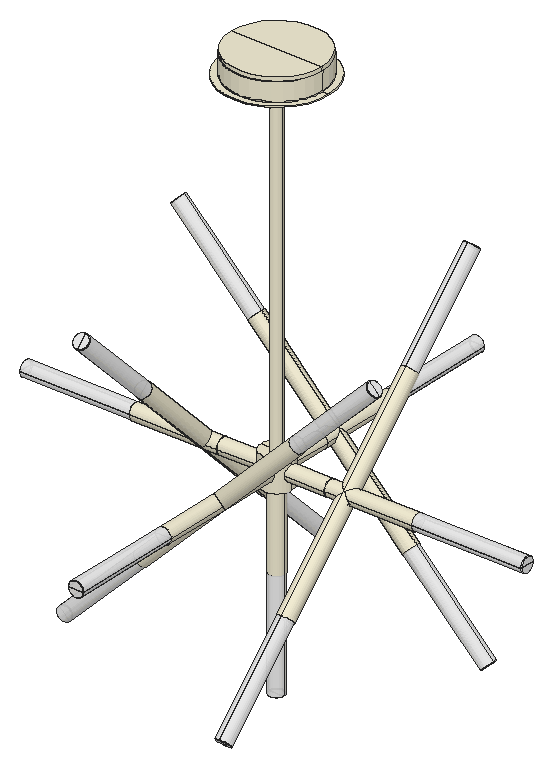
Revit family "3-697 Moxy Pendant", category Lighting Fixtures, host Ceiling, Revit 2018
Family settings
  Host = Ceiling
  Round Connector Dimension = Use Diameter
  Part Type = Normal
  OmniClass Number = 23.80.70.11
  OmniClass Title = Luminaries for Internal Lighting
  Always vertical = Yes
  Cut with Voids When Loaded = No
  Light Source = Yes
  Shared = No
  Room Calculation Point = No
Parameters (values of type "3-697-24 / Satin Nickel - Clear Bubble Acrylic")
  Wattage Comments = "13 x 2.1 W at 120 V"  # constant formula
  Wattage = 33.44 W
  built-in parameter 1150110 = 1 (stored number, unit not read)
  Voltage Input = "120 V or 277 V - 50/60 Hz"  # constant formula
  Voltage = 120 V
  URL = "www.oxygenlighting.com"
  built-in parameter 1114217 = 1 (stored number, unit not read)
  Tilt Angle = 90.00°  # constant formula
  built-in parameter 1150109 = 1 (stored number, unit not read)
  built-in parameter 1150134 = (empty or 0)
  built-in parameter 1150113 = 1 (stored number, unit not read)
  References = "Ref. 3 = 120 V / Ref. 37 = 277 V"  # constant formula
  Photometric Web File = "3-697-40 Moxy.ies"
  Model = "3-697-xx / Moxy Pendant"  # constant formula
  Metal Finish = 24 - Satin Nickel
  Manufacturer = "Oxygen - Lighting & Fans"  # constant formula
  Lumens = 892.848 lm
  built-in parameter 1150115 = 1 (stored number, unit not read)
  built-in parameter 1150105 = 71.051 (stored number, unit not read)
  built-in parameter 1150137 = (empty or 0)
  built-in parameter 1150139 = (empty or 0)
  built-in parameter 1150112 = 1 (stored number, unit not read)
  built-in parameter 1150114 = 1 (stored number, unit not read)
  Lamp = "LED Array"  # constant formula
  built-in parameter 1150132 = (empty or 0)
  built-in parameter 1150102 = (empty or 0)
  built-in parameter 1150138 = (empty or 0)
  built-in parameter 1150107 = 3000 (stored number, unit not read)
  built-in parameter 1150106 = 0.71051 (stored number, unit not read)
  built-in parameter 1150104 = 2.4805 (stored number, unit not read)
  Dimming Lamp Color Temperature Shift = <None>
  Diffusers = Clear Bubble Acrylic
  Color Filter = 16777215
  built-in parameter 1114218 = 1 (stored number, unit not read)
  built-in parameter 1150133 = 10 (stored number, unit not read)
Types (3): name | Metal Finish
  (no name) | 24 - Satin Nickel
  3-697-24 / Satin Nickel - Clear Bubble Acrylic | 24 - Satin Nickel
  3-697-40 / Aged Brass - Clear Bubble Acrylic | 40 - Aged Brass
Reference planes (in)
  plane 1 "Light Source Axis (F/B)": y = 0
  plane 2 "Ceiling": z = 96
  plane 3 "Light Source Axis (L/R)": x = 0
  plane 4 "Light Source Elevation": z = 72.10433
  plane 5 "Part 1": y = 4.54512
  plane 6: z = 94.52362
  plane 7: z = 94.32677
Forms (in)
  Revolve 1, solid, material "Clear Bubble Acrylic" <- "Diffusers"
    sketch origin (-18.2514, 4.54512, 3.97613) x (-0.965939, 0, 0.258769) y (0.258769, 0, 0.965939)
      loop
        line (12.13799, 77.53952) -> (11.91162, 77.93162) -> (11.85784, 77.94603) -> (5.82293, 74.46178) -> (6.069, 74.03559) -> (12.13799, 77.53952)
      axis (12.13799, 77.53952) -> (6.069, 74.03559)
    angle from 0 to 360
  Revolve 2, solid, material "Clear Bubble Acrylic" <- "Diffusers"
    sketch origin (-18.2514, 4.54512, 3.97613) x (-0.965939, 0, 0.258769) y (0.258769, 0, 0.965939)
      loop
        line (-12.13799, 63.52377) -> (-11.91162, 63.13168) -> (-11.85784, 63.11727) -> (-5.82293, 66.60152) -> (-6.069, 67.02771) -> (-12.13799, 63.52377)
      axis (-12.13799, 63.52377) -> (-6.069, 67.02771)
    angle from 0 to 360
  Revolve 3, solid, material "24 - Satin Nickel" <- "Metal Finish"
    sketch origin (-18.2514, 4.54512, 3.97613) x (-0.965939, 0, 0.258769) y (0.258769, 0, 0.965939)
      loop
        line (6.069, 74.03559) -> (5.82293, 74.46178) -> (-6.31506, 67.45391) -> (-6.069, 67.02771) -> (6.069, 74.03559)
      axis (6.069, 74.03559) -> (-6.069, 67.02771)
    angle from 0 to 360
  Revolve 4, solid, material "24 - Satin Nickel" <- "Metal Finish"
    sketch origin (0, 0, 0) x (1, 0, 0) y (0, 0, 1)
      loop
        line (2.95276, 94.62205) -> (2.95276, 95.76378) -> (2.8937, 95.76378) -> (2.8937, 96) -> (0, 96) -> (0, 94.52362) -> (3.34646, 94.52362) -> (3.34646, 94.58268) -> (2.91339, 94.58268)
        arc (2.91339, 94.58268) -> (2.94122, 94.59421) -> (2.95276, 94.62205) r 0.03937
      loop
        line (0.47244, 94.2874) -> (0.47244, 94.32677) -> (0, 94.32677) -> (0, 73.0907) -> (0.37402, 73.0907) -> (0.37402, 93.57874) -> (0.31496, 93.57874) -> (0.31496, 93.65748) -> (0.20669, 93.65748) -> (0.20669, 93.71654)
        arc (0.20669, 93.71654) -> (0.25783, 93.76128) -> (0.29948, 93.81496) r 0.35433
        line (0.29948, 93.81496) -> (0.43307, 93.81496) -> (0.43307, 94.24803) -> (0.47244, 94.2874)
      axis (0, 96) -> (0, 73.0907)
    angle from 0 to 360
  Revolve 5, solid, material "24 - Satin Nickel" <- "Metal Finish"
    sketch origin (0, 0, 0) x (1, 0, 0) y (0, 0, 1)
      loop
        line (0, 73.0907) -> (0, 66.1222) -> (0.49213, 66.1222) -> (0.49213, 71.1222) -> (0.98425, 71.1222) -> (0.98425, 73.0907) -> (0, 73.0907)
      axis (0, 73.0907) -> (0, 66.1222)
    angle from 0 to 360
  Revolve 6, solid, material "Clear Bubble Acrylic" <- "Diffusers"
    sketch origin (0, 0, 0) x (1, 0, 0) y (0, 0, 1)
      loop
        line (0, 66.1222) -> (0, 59.11433) -> (0.45276, 59.11433) -> (0.49213, 59.1537) -> (0.49213, 66.1222) -> (0, 66.1222)
      axis (0, 66.1222) -> (0, 59.11433)
    angle from 0 to 360
  Extrusion 7, solid, material "24 - Satin Nickel" <- "Metal Finish"
    sketch origin (0, 0, 0) x (1, 0, 0) y (0, 1, 0)
      loop
        line (0, 0.62961) -> (-0.05867, 0.59573) -> (-0.12283, 0.61751) -> (-0.17377, 0.57284) -> (-0.24094, 0.58168) -> (-0.28218, 0.52793) -> (-0.34979, 0.5235) -> (-0.37976, 0.46273) -> (-0.4452, 0.4452) -> (-0.46273, 0.37976) -> (-0.5235, 0.34979) -> (-0.52793, 0.28218) -> (-0.58168, 0.24094) -> (-0.57284, 0.17377) -> (-0.61751, 0.12283) -> (-0.59573, 0.05867) -> (-0.62961, 0) -> (-0.59573, -0.05867) -> (-0.61751, -0.12283) -> (-0.57284, -0.17377) -> (-0.58168, -0.24094) -> (-0.52793, -0.28218) -> (-0.5235, -0.34979) -> (-0.46273, -0.37976) -> (-0.4452, -0.4452) -> (-0.37976, -0.46273) -> (-0.34979, -0.5235) -> (-0.28218, -0.52793) -> (-0.24094, -0.58168) -> (-0.17377, -0.57284) -> (-0.12283, -0.61751) -> (-0.05867, -0.59573) -> (0, -0.62961) -> (0.05867, -0.59573) -> (0.12283, -0.61751) -> (0.17377, -0.57284) -> (0.24094, -0.58168) -> (0.28218, -0.52793) -> (0.34979, -0.5235) -> (0.37976, -0.46273) -> (0.4452, -0.4452) -> (0.46273, -0.37976) -> (0.5235, -0.34979) -> (0.52793, -0.28218) -> (0.58168, -0.24094) -> (0.57284, -0.17377) -> (0.61751, -0.12283) -> (0.59573, -0.05867) -> (0.62961, 0) -> (0.59573, 0.05867) -> (0.61751, 0.12283) -> (0.57284, 0.17377) -> (0.58168, 0.24094) -> (0.52793, 0.28218) -> (0.5235, 0.34979) -> (0.46273, 0.37976) -> (0.4452, 0.4452) -> (0.37976, 0.46273) -> (0.34979, 0.5235) -> (0.28218, 0.52793) -> (0.24094, 0.58168) -> (0.17377, 0.57284) -> (0.12283, 0.61751) -> (0.05867, 0.59573) -> (0, 0.62961)
    from 94.32677 to 94.52362
  Revolve 8, solid, material "Clear Bubble Acrylic" <- "Diffusers"
    sketch origin (4.54512, 18.2514, 3.97613) x (0, 0.965939, 0.258769) y (0, -0.258769, 0.965939)
      loop
        line (12.13799, 77.53952) -> (11.91162, 77.93162) -> (11.85784, 77.94603) -> (5.82293, 74.46178) -> (6.069, 74.03559) -> (12.13799, 77.53952)
      axis (12.13799, 77.53952) -> (6.069, 74.03559)
    angle from 0 to 360
  Revolve 9, solid, material "Clear Bubble Acrylic" <- "Diffusers"
    sketch origin (4.54512, 18.2514, 3.97613) x (0, 0.965939, 0.258769) y (0, -0.258769, 0.965939)
      loop
        line (-12.13799, 63.52377) -> (-11.91162, 63.13168) -> (-11.85784, 63.11727) -> (-5.82293, 66.60152) -> (-6.069, 67.02771) -> (-12.13799, 63.52377)
      axis (-12.13799, 63.52377) -> (-6.069, 67.02771)
    angle from 0 to 360
  Revolve 10, solid, material "24 - Satin Nickel" <- "Metal Finish"
    sketch origin (4.54512, 18.2514, 3.97613) x (0, 0.965939, 0.258769) y (0, -0.258769, 0.965939)
      loop
        line (6.069, 74.03559) -> (5.82293, 74.46178) -> (-6.31506, 67.45391) -> (-6.069, 67.02771) -> (6.069, 74.03559)
      axis (6.069, 74.03559) -> (-6.069, 67.02771)
    angle from 0 to 360
  Revolve 11, solid, material "Clear Bubble Acrylic" <- "Diffusers"
    sketch origin (18.2514, -4.54512, 3.97613) x (0.965939, 0, 0.258769) y (-0.258769, 0, 0.965939)
      loop
        line (12.13799, 77.53952) -> (11.91162, 77.93162) -> (11.85784, 77.94603) -> (5.82293, 74.46178) -> (6.069, 74.03559) -> (12.13799, 77.53952)
      axis (12.13799, 77.53952) -> (6.069, 74.03559)
    angle from 0 to 360
  Revolve 12, solid, material "Clear Bubble Acrylic" <- "Diffusers"
    sketch origin (18.2514, -4.54512, 3.97613) x (0.965939, 0, 0.258769) y (-0.258769, 0, 0.965939)
      loop
        line (-12.13799, 63.52377) -> (-11.91162, 63.13168) -> (-11.85784, 63.11727) -> (-5.82293, 66.60152) -> (-6.069, 67.02771) -> (-12.13799, 63.52377)
      axis (-12.13799, 63.52377) -> (-6.069, 67.02771)
    angle from 0 to 360
  Revolve 13, solid, material "24 - Satin Nickel" <- "Metal Finish"
    sketch origin (18.2514, -4.54512, 3.97613) x (0.965939, 0, 0.258769) y (-0.258769, 0, 0.965939)
      loop
        line (6.069, 74.03559) -> (5.82293, 74.46178) -> (-6.31506, 67.45391) -> (-6.069, 67.02771) -> (6.069, 74.03559)
      axis (6.069, 74.03559) -> (-6.069, 67.02771)
    angle from 0 to 360
  Revolve 14, solid, material "Clear Bubble Acrylic" <- "Diffusers"
    sketch origin (-4.54512, -18.2514, 3.97613) x (0, -0.965939, 0.258769) y (0, 0.258769, 0.965939)
      loop
        line (12.13799, 77.53952) -> (11.91162, 77.93162) -> (11.85784, 77.94603) -> (5.82293, 74.46178) -> (6.069, 74.03559) -> (12.13799, 77.53952)
      axis (12.13799, 77.53952) -> (6.069, 74.03559)
    angle from 0 to 360
  Revolve 15, solid, material "Clear Bubble Acrylic" <- "Diffusers"
    sketch origin (-4.54512, -18.2514, 3.97613) x (0, -0.965939, 0.258769) y (0, 0.258769, 0.965939)
      loop
        line (-12.13799, 63.52377) -> (-11.91162, 63.13168) -> (-11.85784, 63.11727) -> (-5.82293, 66.60152) -> (-6.069, 67.02771) -> (-12.13799, 63.52377)
      axis (-12.13799, 63.52377) -> (-6.069, 67.02771)
    angle from 0 to 360
  Revolve 16, solid, material "24 - Satin Nickel" <- "Metal Finish"
    sketch origin (-4.54512, -18.2514, 3.97613) x (0, -0.965939, 0.258769) y (0, 0.258769, 0.965939)
      loop
        line (6.069, 74.03559) -> (5.82293, 74.46178) -> (-6.31506, 67.45391) -> (-6.069, 67.02771) -> (6.069, 74.03559)
      axis (6.069, 74.03559) -> (-6.069, 67.02771)
    angle from 0 to 360
  Revolve 17, solid, material "Clear Bubble Acrylic" <- "Diffusers"
    sketch origin (0, 0, 72.10433) x (0, -1, 0) y (1, 0, 0)
      loop
        line (-16.02362, 0) -> (-9.01575, 0) -> (-9.01575, 0.49213) -> (-15.98425, 0.49213) -> (-16.02362, 0.45276) -> (-16.02362, 0)
      axis (-16.02362, 0) -> (-9.01575, 0)
    angle from 0 to 360
  Revolve 18, solid, material "24 - Satin Nickel" <- "Metal Finish"
    sketch origin (0, 0, 72.10433) x (0, -1, 0) y (1, 0, 0)
      loop
        line (-9.01575, 0) -> (-0.66116, 0) -> (-0.66116, 0.49213) -> (-3.41409, 0.49213) -> (-3.41409, 0.40354) -> (-3.44488, 0.40354) -> (-3.44488, 0.49213) -> (-9.01575, 0.49213) -> (-9.01575, 0)
      axis (-9.01575, 0) -> (-0.66116, 0)
    angle from 0 to 360
  Revolve 19, solid, material "Clear Bubble Acrylic" <- "Diffusers"
    sketch origin (0, 0, 72.10433) x (0, 1, 0) y (1, 0, 0)
      loop
        line (-16.02362, 0) -> (-9.01575, 0) -> (-9.01575, 0.49213) -> (-15.98425, 0.49213) -> (-16.02362, 0.45276) -> (-16.02362, 0)
      axis (-16.02362, 0) -> (-9.01575, 0)
    angle from 0 to 360
  Revolve 20, solid, material "24 - Satin Nickel" <- "Metal Finish"
    sketch origin (0, 0, 72.10433) x (0, 1, 0) y (1, 0, 0)
      loop
        line (-9.01575, 0) -> (-0.66116, 0) -> (-0.66116, 0.49213) -> (-3.41409, 0.49213) -> (-3.41409, 0.40354) -> (-3.44488, 0.40354) -> (-3.44488, 0.49213) -> (-9.01575, 0.49213) -> (-9.01575, 0)
      axis (-9.01575, 0) -> (-0.66116, 0)
    angle from 0 to 360
  Revolve 21, solid, material "Clear Bubble Acrylic" <- "Diffusers"
    sketch origin (0, 0, 72.10433) x (-1, 0, 0) y (0, -1, 0)
      loop
        line (-16.02362, 0) -> (-9.01575, 0) -> (-9.01575, 0.49213) -> (-15.98425, 0.49213) -> (-16.02362, 0.45276) -> (-16.02362, 0)
      axis (-16.02362, 0) -> (-9.01575, 0)
    angle from 0 to 360
  Revolve 22, solid, material "24 - Satin Nickel" <- "Metal Finish"
    sketch origin (0, 0, 72.10433) x (-1, 0, 0) y (0, -1, 0)
      loop
        line (-9.01575, 0) -> (-0.66116, 0) -> (-0.66116, 0.49213) -> (-3.41409, 0.49213) -> (-3.41409, 0.40354) -> (-3.44488, 0.40354) -> (-3.44488, 0.49213) -> (-9.01575, 0.49213) -> (-9.01575, 0)
      axis (-9.01575, 0) -> (-0.66116, 0)
    angle from 0 to 360
  Revolve 23, solid, material "Clear Bubble Acrylic" <- "Diffusers"
    sketch origin (0, 0, 72.10433) x (-1, 0, 0) y (0, -1, 0)
      loop
        line (16.02362, 0) -> (16.02362, 0.45276) -> (15.98425, 0.49213) -> (9.01575, 0.49213) -> (9.01575, 0) -> (16.02362, 0)
      axis (16.02362, 0) -> (9.01575, 0)
    angle from 0 to 360
  Revolve 24, solid, material "24 - Satin Nickel" <- "Metal Finish"
    sketch origin (0, 0, 72.10433) x (-1, 0, 0) y (0, -1, 0)
      loop
        line (9.01575, 0) -> (9.01575, 0.49213) -> (3.44488, 0.49213) -> (3.44488, 0.40354) -> (3.41409, 0.40354) -> (3.41409, 0.49213) -> (0.66116, 0.49213) -> (0.66116, 0) -> (9.01575, 0)
      axis (9.01575, 0) -> (0.66116, 0)
    angle from 0 to 360
Cuts and joins
  joined: Revolve 3, Revolve 5, Revolve 18, Revolve 20, Revolve 22, Revolve 24
Dimensions and locks (in)
  equal spacing: host sketch curve, plane 3 "Light Source Axis (L/R)", host sketch curve
  equal spacing: host sketch curve, plane 1 "Light Source Axis (F/B)", host sketch curve
  host sketch curve to host sketch curve = 120.00"  (x2)
  locked: plane 2 "Ceiling" to plane 4 "Light Source Elevation" at 23.89567
  locked: plane 6 to plane 7 at 0.19685
  aligned and locked: plane 3 "Light Source Axis (L/R)" to imposter light
  aligned and locked: plane 1 "Light Source Axis (F/B)" to imposter light
  aligned and locked: plane 4 "Light Source Elevation" to imposter light
  aligned and locked: Revolve 4 sketch curve to plane 3 "Light Source Axis (L/R)"
  aligned and locked: imposter light to Revolve 5 sketch curve
  aligned and locked: imposter light to Revolve 6 sketch curve
  aligned and locked: Extrusion 7 to plane 6
  aligned and locked: plane 7 to Extrusion 7
  aligned and locked: Revolve 17 sketch curve to plane 3 "Light Source Axis (L/R)"
  aligned and locked: plane 3 "Light Source Axis (L/R)" to Revolve 18 sketch curve
Connectors (in)
  electrical at (0, 0, 96), driven by "Voltage"
    settings: on Revolve 4, index 1, voltage 120 V, apparent load 0 VA, apparent load phase1 0 VA, apparent load phase2 0 VA, apparent load phase3 0 VA, power factor 1, load classification "Other", number of poles 1, system type 31, power factor state 1, is connector primary yes, connector utility no, sub classification motor no, connector description ""
